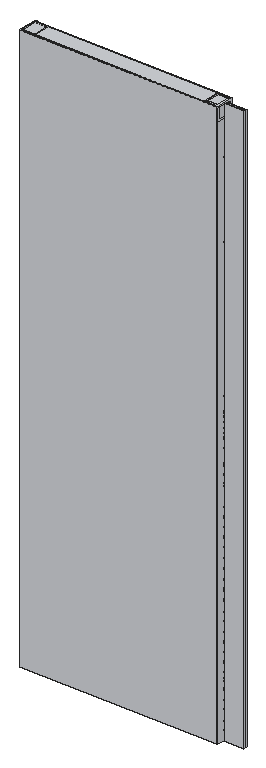
Revit family "Palisade Series", category Mechanical Equipment, Revit 2015
Parameters
  total height = 7' - 0"
  Type Comments = "Max size  32\" x unlimited height (120\" max section height)"
  Total Width = 2' - 8"
  Model = "Palisade Series Perforated Sun Shade"
  Manufacturer = "United Enertech"
  Description = "Aluminum tube frame with 1/8\" thick aluminum perforated panels (holes 3/16\" diameter on 1/4\" staggered centers) mounted to the exterior of the frame."
Reference planes (in)
  plane 1 "Center (Front/Back)": y = 0
  plane 2: z = 0
  plane 3 "Center (Left/Right)": x = 0
  plane 4: y = -6.24109
  plane 5: x = -16
  plane 6: x = 16
  plane 7: y = -3.74109
  plane 8: z = -7.75379
  plane 9: z = 76.24621
  plane 10: x = 13
  plane 11: y = -6.36609
  plane 12: y = -3.61609
Forms (in)
  Extrusion 1, solid
    sketch origin (0, 0, 0) x (1, 0, 0) y (0, 1, 0)
      loop
        line (11, -3.74109) -> (11, -6.24109) -> (13, -6.24109) -> (13, -5.24109) -> (16, -5.24109) -> (16, -5.11609) -> (13, -5.11609) -> (13, -4.86609) -> (16, -4.86609) -> (16, -4.74109) -> (13, -4.74109) -> (13, -3.74109) -> (11, -3.74109)
      loop
        line (11.1875, -3.92859) -> (11.1875, -6.05359) -> (12.8125, -6.05359) -> (12.8125, -3.92859) -> (11.1875, -3.92859)
    from -7.75379 to 76.24621
  Extrusion 2, solid
    sketch origin (0, 0, 0) x (1, 0, 0) y (0, 1, 0)
      loop
        line (-14, -3.74109) -> (-16, -3.74109) -> (-16, -6.24109) -> (-14, -6.24109) -> (-14, -3.74109)
      loop
        line (-14.1875, -6.05359) -> (-14.1875, -3.92859) -> (-15.8125, -3.92859) -> (-15.8125, -6.05359) -> (-14.1875, -6.05359)
    from -7.75379 to 76.24621
  Extrusion 3, solid
    sketch origin (0, 0, 0) x (0, 1, 0) y (0, 0, 1)
      loop
        line (-3.74109, 76.24621) -> (-6.24109, 76.24621) -> (-6.24109, 74.24621) -> (-3.74109, 74.24621) -> (-3.74109, 76.24621)
      loop
        line (-6.05359, 74.43371) -> (-3.92859, 74.43371) -> (-3.92859, 76.05871) -> (-6.05359, 76.05871) -> (-6.05359, 74.43371)
    from -16 to 13
  Extrusion 4, solid
    sketch origin (0, 0, 0) x (0, 1, 0) y (0, 0, 1)
      loop
        line (-3.74109, -5.75379) -> (-6.24109, -5.75379) -> (-6.24109, -7.75379) -> (-3.74109, -7.75379) -> (-3.74109, -5.75379)
      loop
        line (-3.92859, -7.56629) -> (-3.92859, -5.94129) -> (-6.05359, -5.94129) -> (-6.05359, -7.56629) -> (-3.92859, -7.56629)
    from -16 to 13
  Extrusion 5, solid
    sketch origin (0, 0, 0) x (1, 0, 0) y (0, 0, 1)
      loop
        line (-16, 76.24621) -> (-16, -7.75379) -> (13, -7.75379) -> (13, 76.24621) -> (-16, 76.24621)
    from 6.24109 to 6.36609
  Extrusion 6, solid
    sketch origin (34.5, 0, 0) x (1, 0, 0) y (0, 0, 1)
      loop
        line (-50.5, 76.24621) -> (-50.5, -7.75379) -> (-21.5, -7.75379) -> (-21.5, 76.24621) -> (-50.5, 76.24621)
    from 3.61609 to 3.74109
Dimensions and locks (in)
  equal spacing: plane 5, plane 3 "Center (Left/Right)", plane 6
  "Total Width": plane 5 to plane 6
  "total height": plane 9 to plane 8
  locked: plane 10 to plane 6 at 3
  locked: plane 4 to plane 11 at 0.125
  locked: plane 7 to plane 12 at 0.125
  aligned and locked: level to plane 2
  aligned and locked: plane 9 to Extrusion 1
  aligned and locked: Extrusion 1 to plane 8
  aligned and locked: plane 9 to Extrusion 2
  aligned and locked: Extrusion 2 to plane 8
  aligned and locked: plane 5 to Extrusion 3
  aligned and locked: Extrusion 3 to plane 10
  aligned and locked: plane 5 to Extrusion 4
  aligned and locked: Extrusion 4 to plane 10
  aligned and locked: Extrusion 5 to plane 4
  aligned and locked: Extrusion 5 to plane 11
  aligned and locked: plane 5 to Extrusion 5
  aligned and locked: Extrusion 5 to plane 10
  aligned and locked: plane 12 to Extrusion 6
  aligned and locked: plane 7 to Extrusion 6
  aligned and locked: plane 5 to Extrusion 6
  aligned and locked: Extrusion 6 to plane 10
Automatic sketch dimensions
  Extrusion 1 sketch curve to plane 4 = 0' - 0"
  plane 7 to Extrusion 1 sketch curve = 0' - 0"
  Extrusion 1 sketch curve to plane 10 = 0' - 0"  (x3)
  Extrusion 1 sketch curve to plane 6 = 0' - 0"  (x2)
  plane 10 to Extrusion 1 sketch curve = 0' - 0 3/16"
  plane 7 to Extrusion 1 sketch curve = 0' - 0 3/16"
  Extrusion 1 sketch curve to Extrusion 1 sketch curve = 0' - 1 5/8"
  Extrusion 1 sketch curve to Extrusion 1 sketch curve = 0' - 0 3/16"
  plane 4 to Extrusion 1 sketch curve = 0' - 0 3/16"
  plane 4 to Extrusion 1 sketch curve = 0' - 1"
  Extrusion 1 sketch curve to Extrusion 1 sketch curve = 0' - 0 1/8"  (x2)
  Extrusion 1 sketch curve to Extrusion 1 sketch curve = 0' - 0 1/4"
  Extrusion 2 sketch curve to plane 5 = 0' - 0"
  Extrusion 2 sketch curve to plane 4 = 0' - 0"
  plane 7 to Extrusion 2 sketch curve = 0' - 0"
  Extrusion 2 sketch curve to plane 5 = 0' - 0 3/16"
  plane 4 to Extrusion 2 sketch curve = 0' - 0 3/16"
  Extrusion 2 sketch curve to Extrusion 2 sketch curve = 0' - 1 5/8"
  Extrusion 2 sketch curve to Extrusion 2 sketch curve = 0' - 0 3/16"
  plane 7 to Extrusion 2 sketch curve = 0' - 0 3/16"
  Extrusion 3 sketch curve to plane 4 = 0' - 0"
  Extrusion 3 sketch curve to plane 7 = 0' - 0"
  plane 9 to Extrusion 3 sketch curve = 0' - 0"
  plane 4 to Extrusion 3 sketch curve = 0' - 0 3/16"
  plane 7 to Extrusion 3 sketch curve = 0' - 0 3/16"
  Extrusion 3 sketch curve to plane 9 = 0' - 0 3/16"
  Extrusion 3 sketch curve to Extrusion 3 sketch curve = 0' - 1 5/8"
  Extrusion 3 sketch curve to Extrusion 3 sketch curve = 0' - 0 3/16"
  Extrusion 4 sketch curve to plane 4 = 0' - 0"
  Extrusion 4 sketch curve to plane 7 = 0' - 0"
  Extrusion 4 sketch curve to plane 8 = 0' - 0"
  plane 4 to Extrusion 4 sketch curve = 0' - 0 3/16"
  plane 7 to Extrusion 4 sketch curve = 0' - 0 3/16"
  plane 8 to Extrusion 4 sketch curve = 0' - 0 3/16"
  Extrusion 4 sketch curve to Extrusion 4 sketch curve = 0' - 1 5/8"
  Extrusion 4 sketch curve to Extrusion 4 sketch curve = 0' - 0 3/16"
  plane 5 to Extrusion 5 sketch curve = 0' - 0"
  Extrusion 5 sketch curve to plane 8 = 0' - 0"
  plane 10 to Extrusion 5 sketch curve = 0' - 0"
  Extrusion 5 sketch curve to plane 9 = 0' - 0"
  Extrusion 6 sketch curve to plane 8 = 0' - 0"
  Extrusion 6 sketch curve to plane 9 = 0' - 0"
  plane 6 to Extrusion 6 sketch curve = 2' - 8"
  Extrusion 6 sketch curve to Extrusion 6 sketch curve = 2' - 5"
